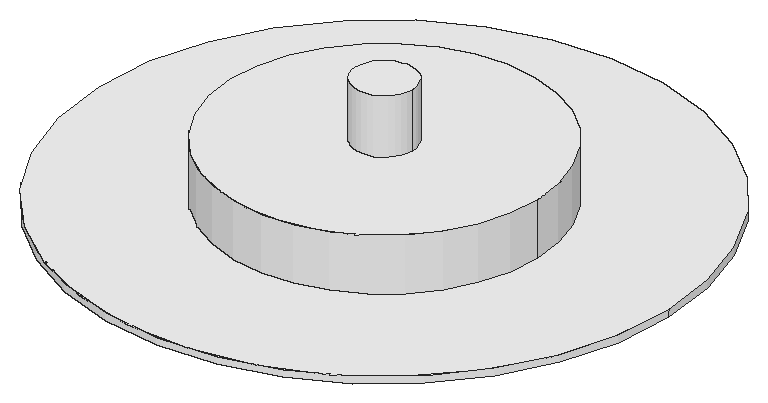
Revit family "NBS_WallgateLtd_ShwrHds_SNC", category Plumbing Fixtures, Revit 2014
Parameters (values of type "SNC")
  Weight = "0.5 kg"
  WarrantyStartDate [instance] = "1900-12-31T23:59:59"
  WarrantyGuarantorParts = "n/a"
  WarrantyGuarantorLabor = "n/a"
  WarrantyDurationUnit = "year"
  WarrantyDurationParts = "1"
  WarrantyDurationLabor = "n/a"
  WarrantyDescription = "n/a"
  Version = "1"  # constant formula
  Uniclass2 = "45-31-06/481"
  ThirdPartyCertification = "WRAS compliant, Watermark Certification"
  TagNumber [instance] = "n/a"
  SustainabilityPerformance = "n/a"
  Standards = "n/a"
  Size = "1.5 x 130 Ø x 26.5 mm"
  ShowerType = "Individual"
  ShowerHeadMaterial = NBS_Concept
  ShowerHeadDescription = "Flush stainless steel ceiling mount"
  Shape = "Circular"
  SerialNumber [instance] = "n/a"
  Revision = "n/a"
  ReplacementCost = "n/a"
  ProductInformation = "www.wallgate.com/products/showers-and-accessories/snc-ceiling-mount-shower-nozzles"
  NominalWidth = 130 mm  # constant formula
  NominalLength = 130 mm  # constant formula
  NominalHeight = 26.5 mm  # constant formula
  NominalDepth = 0 mm  # constant formula
  Name = "ShowerHeads_SNC_WallgateLtd"
  NBSTypeID = "n/a"
  NBSReference = "45-35-70/333"
  NBSOfficeMasterTag = "n/a"
  NBSNote = "n/a"
  NBSDescription = "Shower heads"
  NBSCertification = "www.nationalbimlibrary.com/cert/xzjsb4p1"
  ModelReference = "n/a"
  ModelNumber = "SNC"
  MaterialThickness = 1.5 mm  # constant formula
  Material = "Stainless steel"
  ManufacturerURL = "www.wallgate.com"
  ManufacturerName = "Wallgate Ltd"  # constant formula
  Manufacturer = "sales@wallgate.com"
  IntegralAccessoryOptions = "PBA Piezo Touch Buttons, PBA-IR Infra-Red Activation Sensors, WVPS Shower Water Valve Pack, CLS Key Lock Switches, WDC Electronic Controllers, SMVA Temperature Adjustable Showers, MV0001 Thermostatic Mixer Valve, MBS Manifold"
  IntegralAccessories = "n/a"
  InstallationDate [instance] = "1900-12-31T23:59:59"
  IfcExportType = "SHOWER"  # constant formula
  IfcExportAs = "IfcSanitaryTerminalType"  # constant formula
  HasTray = no
  Grade = "n/a"
  Form = "Single function fixed head"
  Finish = "Stainless Steel"
  Features = "Hygienic and easily cleaned, highly vandal-resistant, anti-ligature"
  ExpectedLife = "n/a"
  DurationUnit = "year"
  DrainSize = 0 mm  # constant formula
  Description = "Anti-ligature, anti vandal stainless steel ceiling mounted shower nozzle"
  Constituents = "n/a"
  Color = "Stainless steel"
  CodePerformance = "n/a"
  Category = "n/a"
  BarCode [instance] = "n/a"
  BIMObjectName = "NBS_WallgateLtd_ShowerHeads_SNC"
  Author = "NBS"  # constant formula
  AssetType = "Fixed"
  AssetIdentifier [instance] = "n/a"
  ActivationOptions = "Push button, piezo touch button or infra red sensor"
  AccessibilityPerformance = "n/a"
Reference planes
  plane 1 "Center (Front/Back)": y = 0
  plane 2: z = 0
  plane 3 "Center (Left/Right)": x = 0
Forms (mm)
  Extrusion 1, solid, material "NBS_Concept" <- "ShowerHeadMaterial"
    sketch origin (0, 0, 0) x (1, 0, 0) y (0, 1, 0)
      loop
        circle (0, 0) r 65
    from 0 to -1.6
  Extrusion 2, solid, material "NBS_Concept" <- "ShowerHeadMaterial"
    sketch origin (0, 0, 0) x (1, 0, 0) y (0, 1, 0)
      loop
        circle (0, 0) r 35
    from 0 to 12
  Extrusion 3, solid, material "NBS_Concept" <- "ShowerHeadMaterial"
    sketch origin (0, 0, 0) x (1, 0, 0) y (0, 1, 0)
      loop
        circle (0, 0) r 6.5
    from 12 to 24.5
  Extrusion 4, void
    sketch origin (0, 0, 0) x (1, 0, 0) y (0, 1, 0)
      loop
        circle (0, 0) r 35
    from 0 to 12
  Extrusion 5, void
    sketch origin (0, 0, 0) x (1, 0, 0) y (0, 1, 0)
      loop
        circle (0, 0) r 6.5
    from 12 to 24.5
Cuts and joins
  Extrusion 5 cuts Extrusion 2
Lines and regions (mm)
  Masking region 1
    outline origin (0, 0, 0) x (1, 0, 0) y (0, 0, 1)
      loop
        line (-65, -1.6) -> (65, -1.6) -> (65, 0) -> (35, 0) -> (35, 12) -> (6.5, 12) -> (6.5, 24.5) -> (-6.5, 24.5) -> (-6.5, 12) -> (-35, 12) -> (-35, 0) -> (-65, 0) -> (-65, -1.6)
  symbolic lines
    curve 1: line (0, -6.5, 12) -> (0, 6.5, 12)
    curve 2: line (0, 35, 0) -> (0, -35, 0)
    curve 3: line (-6.5, 0, 12) -> (6.5, 0, 12)
    curve 4: line (-35, 0, 0) -> (35, 0, 0)
  model lines, style "PlumbingFixtures", detail levels fine
    curve 5: arc (-6.838, 11.093, -1.6) -> (-5.623, 10.714, -1.6) -> (-5.244, 11.929, -1.6) r 0.9
    curve 6: arc (-5.244, 11.929, -1.6) -> (-6.46, 12.308, -1.6) -> (-6.838, 11.093, -1.6) r 0.9
    curve 7: arc (-3.985, 12.407, -1.6) -> (-2.896, 11.748, -1.6) -> (-2.237, 12.838, -1.6) r 0.9
    curve 8: arc (-2.237, 12.838, -1.6) -> (-3.326, 13.496, -1.6) -> (-3.985, 12.407, -1.6) r 0.9
    curve 9: arc (0.9, 13, -1.6) -> (0, 13.9, -1.6) -> (-0.9, 13, -1.6) r 0.9
    curve 10: arc (-0.9, 13, -1.6) -> (0, 12.1, -1.6) -> (0.9, 13, -1.6) r 0.9
    curve 11: arc (2.237, 12.838, -1.6) -> (2.896, 11.748, -1.6) -> (3.985, 12.407, -1.6) r 0.9
    curve 12: arc (3.985, 12.407, -1.6) -> (3.326, 13.496, -1.6) -> (2.237, 12.838, -1.6) r 0.9
    curve 13: arc (6.466, 10.717, -1.6) -> (6.675, 12.15, -1.6) -> (5.244, 11.929, -1.6) r 0.9
    curve 14: arc (5.244, 11.929, -1.6) -> (5.623, 10.714, -1.6) -> (6.838, 11.093, -1.6) r 0.9
    curve 15: arc (7.947, 10.327, -1.6) -> (8.024, 9.057, -1.6) -> (9.294, 9.134, -1.6) r 0.9
    curve 16: arc (9.294, 9.134, -1.6) -> (9.217, 10.404, -1.6) -> (7.947, 10.327, -1.6) r 0.9
    curve 17: arc (11.21, 6.644, -1.6) -> (9.958, 6.874, -1.6) -> (10.188, 8.126, -1.6) r 0.9
    curve 18: arc (10.188, 8.126, -1.6) -> (11.439, 7.896, -1.6) -> (11.21, 6.644, -1.6) r 0.9
    curve 19: arc (12.474, 3.768, -1.6) -> (11.314, 4.291, -1.6) -> (11.836, 5.451, -1.6) r 0.9
    curve 20: arc (11.836, 5.451, -1.6) -> (12.997, 4.929, -1.6) -> (12.474, 3.768, -1.6) r 0.9
    curve 21: arc (13.014, 0.674, -1.6) -> (12.012, 1.458, -1.6) -> (12.797, 2.46, -1.6) r 0.9
    curve 22: arc (12.797, 2.46, -1.6) -> (13.799, 1.675, -1.6) -> (13.014, 0.674, -1.6) r 0.9
    curve 23: arc (13.014, -0.674, -1.6) -> (13.799, -1.675, -1.6) -> (12.797, -2.46, -1.6) r 0.9
    curve 24: arc (12.797, -2.46, -1.6) -> (12.012, -1.458, -1.6) -> (13.014, -0.674, -1.6) r 0.9
    curve 25: arc (12.474, -3.768, -1.6) -> (12.997, -4.929, -1.6) -> (11.836, -5.451, -1.6) r 0.9
    curve 26: arc (11.836, -5.451, -1.6) -> (11.314, -4.291, -1.6) -> (12.474, -3.768, -1.6) r 0.9
    curve 27: arc (11.21, -6.644, -1.6) -> (11.439, -7.896, -1.6) -> (10.188, -8.126, -1.6) r 0.9
    curve 28: arc (10.188, -8.126, -1.6) -> (9.958, -6.874, -1.6) -> (11.21, -6.644, -1.6) r 0.9
    curve 29: arc (9.294, -9.134, -1.6) -> (9.217, -10.404, -1.6) -> (7.947, -10.327, -1.6) r 0.9
    curve 30: arc (7.947, -10.327, -1.6) -> (8.024, -9.057, -1.6) -> (9.294, -9.134, -1.6) r 0.9
    curve 31: arc (6.838, -11.093, -1.6) -> (6.46, -12.308, -1.6) -> (5.244, -11.929, -1.6) r 0.9
    curve 32: arc (5.244, -11.929, -1.6) -> (5.623, -10.714, -1.6) -> (6.838, -11.093, -1.6) r 0.9
    curve 33: arc (3.985, -12.407, -1.6) -> (3.326, -13.496, -1.6) -> (2.237, -12.838, -1.6) r 0.9
    curve 34: arc (2.237, -12.838, -1.6) -> (2.896, -11.748, -1.6) -> (3.985, -12.407, -1.6) r 0.9
    curve 35: arc (0.9, -13, -1.6) -> (0, -13.9, -1.6) -> (-0.9, -13, -1.6) r 0.9
    curve 36: arc (-0.9, -13, -1.6) -> (0, -12.1, -1.6) -> (0.9, -13, -1.6) r 0.9
    curve 37: arc (-3.985, -12.407, -1.6) -> (-2.896, -11.748, -1.6) -> (-2.237, -12.838, -1.6) r 0.9
    curve 38: arc (-2.237, -12.838, -1.6) -> (-3.326, -13.496, -1.6) -> (-3.985, -12.407, -1.6) r 0.9
    curve 39: arc (-6.838, -11.093, -1.6) -> (-6.46, -12.308, -1.6) -> (-5.244, -11.929, -1.6) r 0.9
    curve 40: arc (-5.244, -11.929, -1.6) -> (-5.623, -10.714, -1.6) -> (-6.838, -11.093, -1.6) r 0.9
    curve 41: arc (-7.947, -10.327, -1.6) -> (-8.024, -9.057, -1.6) -> (-9.294, -9.134, -1.6) r 0.9
    curve 42: arc (-9.294, -9.134, -1.6) -> (-9.217, -10.404, -1.6) -> (-7.947, -10.327, -1.6) r 0.9
    curve 43: arc (-11.21, -6.644, -1.6) -> (-11.439, -7.896, -1.6) -> (-10.188, -8.126, -1.6) r 0.9
    curve 44: arc (-10.188, -8.126, -1.6) -> (-9.958, -6.874, -1.6) -> (-11.21, -6.644, -1.6) r 0.9
    curve 45: arc (-11.836, -5.451, -1.6) -> (-11.314, -4.291, -1.6) -> (-12.474, -3.768, -1.6) r 0.9
    curve 46: arc (-12.474, -3.768, -1.6) -> (-12.997, -4.929, -1.6) -> (-11.836, -5.451, -1.6) r 0.9
    curve 47: arc (-13.014, -0.674, -1.6) -> (-13.799, -1.675, -1.6) -> (-12.797, -2.46, -1.6) r 0.9
    curve 48: arc (-12.797, -2.46, -1.6) -> (-12.012, -1.458, -1.6) -> (-13.014, -0.674, -1.6) r 0.9
    curve 49: arc (-13.014, 0.674, -1.6) -> (-12.012, 1.458, -1.6) -> (-12.797, 2.46, -1.6) r 0.9
    curve 50: arc (-12.797, 2.46, -1.6) -> (-13.799, 1.675, -1.6) -> (-13.014, 0.674, -1.6) r 0.9
    curve 51: arc (-12.474, 3.768, -1.6) -> (-11.314, 4.291, -1.6) -> (-11.836, 5.451, -1.6) r 0.9
    curve 52: arc (-11.836, 5.451, -1.6) -> (-12.997, 4.929, -1.6) -> (-12.474, 3.768, -1.6) r 0.9
    curve 53: arc (-10.188, 8.126, -1.6) -> (-11.439, 7.896, -1.6) -> (-11.21, 6.644, -1.6) r 0.9
    curve 54: arc (-11.21, 6.644, -1.6) -> (-9.958, 6.874, -1.6) -> (-10.188, 8.126, -1.6) r 0.9
    curve 55: arc (-9.294, 9.134, -1.6) -> (-8.024, 9.057, -1.6) -> (-7.947, 10.327, -1.6) r 0.9
    curve 56: arc (-7.947, 10.327, -1.6) -> (-9.217, 10.404, -1.6) -> (-9.294, 9.134, -1.6) r 0.9
    curve 57: arc (-5.212, 7.994, -1.6) -> (-3.997, 7.615, -1.6) -> (-3.618, 8.83, -1.6) r 0.9
    curve 58: arc (-3.618, 8.83, -1.6) -> (-4.833, 9.209, -1.6) -> (-5.212, 7.994, -1.6) r 0.9
    curve 59: arc (0.9, 9.5, -1.6) -> (0, 10.4, -1.6) -> (-0.9, 9.5, -1.6) r 0.9
    curve 60: arc (-0.9, 9.5, -1.6) -> (0, 8.6, -1.6) -> (0.9, 9.5, -1.6) r 0.9
    curve 61: arc (3.618, 8.83, -1.6) -> (3.997, 7.615, -1.6) -> (5.212, 7.994, -1.6) r 0.9
    curve 62: arc (5.212, 7.994, -1.6) -> (4.833, 9.209, -1.6) -> (3.618, 8.83, -1.6) r 0.9
    curve 63: arc (8.33, 4.656, -1.6) -> (8.559, 5.908, -1.6) -> (7.307, 6.137, -1.6) r 0.9
    curve 64: arc (7.307, 6.137, -1.6) -> (7.078, 4.885, -1.6) -> (8.33, 4.656, -1.6) r 0.9
    curve 65: arc (9.539, 0.252, -1.6) -> (10.324, 1.254, -1.6) -> (9.322, 2.039, -1.6) r 0.9
    curve 66: arc (9.322, 2.039, -1.6) -> (8.537, 1.037, -1.6) -> (9.539, 0.252, -1.6) r 0.9
    curve 67: arc (8.564, -4.21, -1.6) -> (9.724, -3.688, -1.6) -> (9.202, -2.527, -1.6) r 0.9
    curve 68: arc (9.202, -2.527, -1.6) -> (8.041, -3.05, -1.6) -> (8.564, -4.21, -1.6) r 0.9
    curve 69: arc (5.626, -7.708, -1.6) -> (6.896, -7.785, -1.6) -> (6.973, -6.514, -1.6) r 0.9
    curve 70: arc (6.973, -6.514, -1.6) -> (5.703, -6.437, -1.6) -> (5.626, -7.708, -1.6) r 0.9
    curve 71: arc (1.4, -9.439, -1.6) -> (2.489, -10.098, -1.6) -> (3.147, -9.009, -1.6) r 0.9
    curve 72: arc (3.147, -9.009, -1.6) -> (2.058, -8.35, -1.6) -> (1.4, -9.439, -1.6) r 0.9
    curve 73: arc (-1.4, -9.439, -1.6) -> (-2.058, -8.35, -1.6) -> (-3.147, -9.009, -1.6) r 0.9
    curve 74: arc (-3.147, -9.009, -1.6) -> (-2.489, -10.098, -1.6) -> (-1.4, -9.439, -1.6) r 0.9
    curve 75: arc (-6.973, -6.514, -1.6) -> (-6.896, -7.785, -1.6) -> (-5.626, -7.708, -1.6) r 0.9
    curve 76: arc (-5.626, -7.708, -1.6) -> (-5.703, -6.437, -1.6) -> (-6.973, -6.514, -1.6) r 0.9
    curve 77: arc (-9.202, -2.527, -1.6) -> (-9.724, -3.688, -1.6) -> (-8.564, -4.21, -1.6) r 0.9
    curve 78: arc (-8.564, -4.21, -1.6) -> (-8.041, -3.05, -1.6) -> (-9.202, -2.527, -1.6) r 0.9
    curve 79: arc (-9.322, 2.039, -1.6) -> (-10.324, 1.254, -1.6) -> (-9.539, 0.252, -1.6) r 0.9
    curve 80: arc (-9.539, 0.252, -1.6) -> (-8.537, 1.037, -1.6) -> (-9.322, 2.039, -1.6) r 0.9
    curve 81: arc (-8.33, 4.656, -1.6) -> (-7.078, 4.885, -1.6) -> (-7.307, 6.137, -1.6) r 0.9
    curve 82: arc (-7.307, 6.137, -1.6) -> (-8.559, 5.908, -1.6) -> (-8.33, 4.656, -1.6) r 0.9
Dimensions and locks
  aligned and locked: level to plane 2
  aligned and locked: Extrusion 4 to Extrusion 2
  aligned and locked: Extrusion 5 to Extrusion 2
Connectors
  piping at (0, 0, 24.5), diameter 13
    settings: on Extrusion 3, index 1, connector inside diameter 13 mm, connector length 0 mm, flow factor 0, pipe flow 0.0 L/s, pressure drop 0.0 Pa, fitting loss kfactor 0, connector angle 0.00°, fixture units 0, engagement length 0 mm, angle of deflection 0.00°, flow configuration 0, flow direction 1, fitting loss method 0, system type 7, joint type 0, gender type 0, connector reference index -1, connector utility 0, adjustable connector no, is connector primary yes, connector description ""
